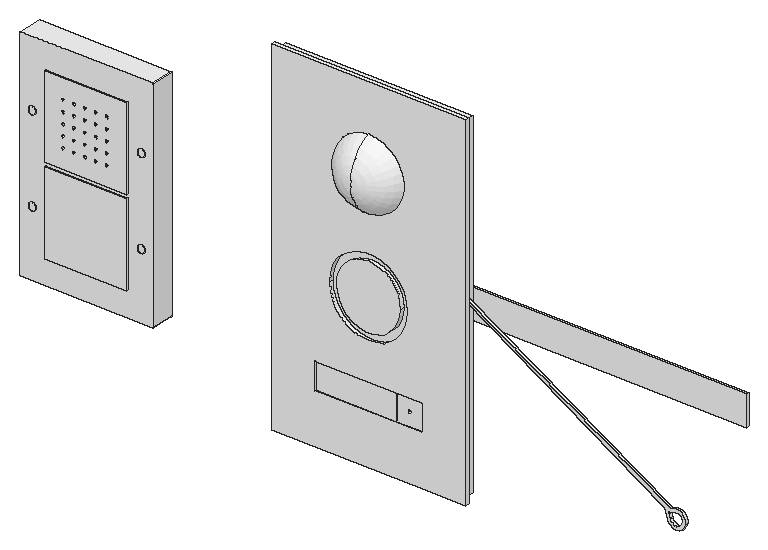
Revit family "Gira_049543", category Elektroinstallationen, Revit 2017
Family settings
  Basisbauteil = Wand
  Beschriftungsausrichtung beibehalten = Nein
  Bemaßung runder Anschluss = Durchmesser verwenden
  Teiletyp = Normal
  OmniClass-Nummer = 23.80.00.00
  OmniClass-Titel = Electric Power and Lighting
  Immer vertikal = Ja
  Beim Laden mit Abzugskörper schneiden = Nein
  Gemeinsam genutzt = Nein
  Raumberechnungspunkt = Nein
Parameters
  URL = "https://www.gira.de/"
  Typname = "EFH-Paket Audio Türko F Alu"
  Produktseite = "http://katalog.gira.de/de_DE/datenblatt.html?artikelnr=049543"
  Mit Video = no
  Mit Infoschild = yes
  Installationstechnik = "Bus-System"
  Hersteller = "Gira"
  HAN = "049543"
  GTIN = "4010337495437"
  Farbe der Innenstation = "weiß"
  Farbe der Außenstation = "sonstige"
  Datenblatt = "https://katalog.gira.de/de_DE/download.html?artikelnr=049543"
  Beschreibung = "Einfamilienhaus-Paket Audio"
  BIM = "https://media.stage.bim.site/public/gira/876eb45/Gira-Notrufset.rfa"
  Anzahl der Innenstationen = 1
  Anzahl der Außenstationen = 1
Reference planes
  plane 1: y = 0
  plane 2 "Mitte (Links/Rechts)": x = 125
  plane 3 "Hinten": y = 75
Text (mm)
  text "Platzierungsseite" at (-1867.185, 1116.779, 0), in view "Referenzebene"
  text "Platzierungsseite" at (0, 1270.507, 3001.832), in view "Links"
  text "Platzierungsseite" at (0, 530.812, 2999.686), in view "Rechts"
Dimensions and locks
  locked: plane 3 "Hinten" to host wall
  aligned and locked: plane 1 to host wall
Nested families
  nested 1: "42_126600_00-" at (25, -75, 1219.2) x (1, 0, 0) z (0, -1, 0), type "42_126600_00-"
  nested 2: "42_255120_00" at (245, -75, 1219.2) x (1, 0, 0) z (0, -1, 0), type "42_255120_00"
Definition of nested family "42_126600_00-"
  Parameters
    Default Elevation = 1219.2 mm
  Reference planes
    plane 1 "Center (Front/Back)": y = 0
    plane 2: z = 0
    plane 3 "Center (Left/Right)": x = 0
  Forms (mm)
    Extrusion 1, solid
      sketch origin (0, 0, 0) x (1, 0, 0) y (0, 1, 0)
        loop
          line (-1219.2, 1219.2) -> (-1219.2, -1219.2) -> (1219.2, -1219.2) -> (1219.2, 1219.2) -> (-1219.2, 1219.2)
      from 0 to -304.8
    Extrusion 2, solid, detail levels fine
      sketch origin (0, 0, 0) x (1, 0, 0) y (0, 1, 0)
        loop
          line (-55, 90.05) -> (-55, -90.05)
          spline (-55, -90.05) -> (-54.996, -90.115) -> (-54.983, -90.18) -> (-54.962, -90.241) -> (-54.933, -90.3) -> (-54.897, -90.354) -> (-54.854, -90.404) -> (-54.804, -90.447) -> (-54.75, -90.483) -> (-54.691, -90.512) -> (-54.63, -90.533) -> (-54.565, -90.546) -> (-54.5, -90.55)
          line (-54.5, -90.55) -> (54.5, -90.55)
          spline (54.5, -90.55) -> (54.565, -90.546) -> (54.63, -90.533) -> (54.691, -90.512) -> (54.75, -90.483) -> (54.804, -90.447) -> (54.854, -90.404) -> (54.897, -90.354) -> (54.933, -90.3) -> (54.962, -90.241) -> (54.983, -90.18) -> (54.996, -90.115) -> (55, -90.05)
          line (55, -90.05) -> (55, 90.05)
          spline (55, 90.05) -> (54.996, 90.115) -> (54.983, 90.18) -> (54.962, 90.241) -> (54.933, 90.3) -> (54.897, 90.354) -> (54.854, 90.404) -> (54.804, 90.447) -> (54.75, 90.483) -> (54.691, 90.512) -> (54.63, 90.533) -> (54.565, 90.546) -> (54.5, 90.55)
          line (54.5, 90.55) -> (-54.5, 90.55)
          spline (-54.5, 90.55) -> (-54.565, 90.546) -> (-54.63, 90.533) -> (-54.691, 90.512) -> (-54.75, 90.483) -> (-54.804, 90.447) -> (-54.854, 90.404) -> (-54.897, 90.354) -> (-54.933, 90.3) -> (-54.962, 90.241) -> (-54.983, 90.18) -> (-54.996, 90.115) -> (-55, 90.05)
        loop
          circle (-45, -35.6) r 3.2
        loop
          circle (-45, 35.5) r 3.2
        loop
          circle (45, 35.5) r 3.2
        loop
          circle (45, -35.6) r 3.2
      from 0 to 19
    Extrusion 3, solid, detail levels fine
      sketch origin (0, 0, 0) x (1, 0, 0) y (0, 1, 0)
        loop
          circle (-45, 35.55) r 3
        loop
          circle (-45, -35.55) r 3
        loop
          circle (45, -35.55) r 3
        loop
          circle (45, 35.55) r 3
      from 0 to 19
    Extrusion 4, solid, detail levels fine
      sketch origin (0, 0, 0) x (1, 0, 0) y (0, 1, 0)
        loop
          line (-33.9, 1.65) -> (33.9, 1.65) -> (33.9, 69.45) -> (-33.9, 69.45) -> (-33.9, 1.65)
        loop
          line (33.9, -1.65) -> (-33.9, -1.65) -> (-33.9, -69.45) -> (33.9, -69.45) -> (33.9, -1.65)
        loop
          circle (-18, 53.55) r 1.125
        loop
          circle (-9, 53.55) r 1.125
        loop
          circle (0, 53.55) r 1.125
        loop
          circle (9, 53.55) r 1.125
        loop
          circle (18, 53.55) r 1.125
        loop
          circle (18, 44.55) r 1.125
        loop
          circle (9, 44.55) r 1.125
        loop
          circle (18, 35.55) r 1.125
        loop
          circle (9, 35.55) r 1.125
        loop
          circle (0, 44.55) r 1.125
        loop
          circle (0, 35.55) r 1
        loop
          circle (0, 26.55) r 1.125
        loop
          circle (9, 26.55) r 1.125
        loop
          circle (18, 26.55) r 1.125
        loop
          circle (9, 17.55) r 1.125
        loop
          circle (18, 17.55) r 1.125
        loop
          circle (0, 17.55) r 1.125
        loop
          circle (-9, 17.55) r 1.125
        loop
          circle (-18, 17.55) r 1.125
        loop
          circle (-18, 26.55) r 1.125
        loop
          circle (-9, 26.55) r 1.125
        loop
          circle (-18, 35.55) r 1.125
        loop
          circle (-9, 35.55) r 1.175
        loop
          circle (-18, 44.55) r 1.125
        loop
          circle (-9, 44.55) r 1.125
      from 19 to 20.5
    Extrusion 5, solid, detail levels medium
      sketch origin (0, 0, 0) x (1, 0, 0) y (0, 1, 0)
        loop
          line (-55, 90.55) -> (-55, -90.55) -> (55, -90.55) -> (55, 90.55) -> (-55, 90.55)
      from 0 to 19
    Extrusion 6, solid, detail levels medium
      sketch origin (0, 0, 0) x (1, 0, 0) y (0, 1, 0)
        loop
          line (-33.9, 69.45) -> (-33.9, 1.65) -> (33.9, 1.65) -> (33.9, 69.45) -> (-33.9, 69.45)
        loop
          line (33.9, -1.65) -> (-33.9, -1.65) -> (-33.9, -69.45) -> (33.9, -69.45) -> (33.9, -1.65)
      from 19 to 20.5
    Extrusion 7, solid, detail levels coarse
      sketch origin (0, 0, 0) x (1, 0, 0) y (0, 1, 0)
        loop
          line (-55, 90.55) -> (-55, -90.55) -> (55, -90.55) -> (55, 90.55) -> (-55, 90.55)
      from 0 to 20.5
  Dimensions and locks
    aligned and locked: plane 2 to Extrusion 1
    aligned and locked: level to Extrusion 1
Definition of nested family "42_255120_00"
  Parameters
    Default Elevation = 1219.2 mm
  Reference planes
    plane 1 "Center (Front/Back)": y = 0
    plane 2: z = 0
    plane 3 "Center (Left/Right)": x = 0
  Forms (mm)
    Extrusion 1, solid
      sketch origin (0, 0, 0) x (1, 0, 0) y (0, 1, 0)
        loop
          line (-1219.2, 1219.2) -> (-1219.2, -1219.2) -> (1219.2, -1219.2) -> (1219.2, 1219.2) -> (-1219.2, 1219.2)
      from 0 to -304.8
    Extrusion 2, solid, detail levels fine
      sketch origin (0, 0, 0) x (1, 0, 0) y (0, 1, 0)
        loop
          line (-80, 142.65) -> (-80, -142.65) -> (36.621, -142.65) -> (80, -142.639) -> (80, 142.65) -> (-80, 142.65)
        loop
          circle (0, -16.6) r 32.35
        loop
          line (-44.7, -101.525) -> (44.7, -101.525) -> (44.7, -79.225) -> (-44.7, -79.225) -> (-44.7, -101.525)
      from 0 to 3
    Extrusion 3, solid, detail levels fine
      sketch origin (0, 0, 0) x (1, 0, 0) y (0, 1, 0)
        loop
          circle (0, -16.6) r 26.5
      from 0 to 3
    Extrusion 4, solid, detail levels fine
      sketch origin (0, 0, 0) x (1, 0, 0) y (0, 1, 0)
        loop
          line (22.6, -101.325) -> (44.5, -101.325) -> (44.5, -79.425) -> (22.6, -79.425) -> (22.6, -101.325)
        loop
          line (22.035, -101.525) -> (22.035, -79.225) -> (-44.7, -79.225) -> (-44.7, -101.525) -> (22.035, -101.525)
        loop
          circle (33.55, -90.375) r 1.5
      from 0 to 2
    Extrusion 5, solid, detail levels medium+fine
      sketch origin (0, 0, 0) x (1, 0, 0) y (0, 1, 0)
        loop
          line (-77, -139.35) -> (-67, -139.35) -> (-67, 129.65) -> (67, 129.65) -> (67, -139.35) -> (77, -139.35) -> (77, 139.65) -> (-77, 139.65) -> (-77, -139.35)
      from 0 to -7.9
    Extrusion 6, solid, detail levels medium+fine
      sketch origin (0, 0, 0) x (1, 0, 0) y (0, 1, 0)
        loop
          line (-52, 23.4) -> (-52, -64.6) -> (52, -64.6) -> (52, 23.4) -> (-52, 23.4)
        loop
          line (44, 37.025) -> (44, 113.025) -> (-44, 113.025) -> (-44, 37.025) -> (44, 37.025)
      from 0 to -21
    Extrusion 7, solid, detail levels medium+fine
      sketch origin (0, 0, 0) x (1, 0, 0) y (0, 1, 0)
        loop
          line (49.879, 10.18) -> (49.879, -14.32) -> (299.87, -14.32) -> (299.87, 10.18) -> (49.879, 10.18)
      from -14 to -12
    Extrusion 8, solid, detail levels medium+fine
      sketch origin (0, 0, 0) x (1, 0, 0) y (0, 1, 0)
        loop
          line (74.927, 7.452) -> (73.429, 5.43) -> (239.991, -90.734) -> (241.976, -98.144)
          arc (241.976, -98.144) -> (249.697, -103.896) -> (257.078, -97.713) r 7.765
          arc (257.078, -97.713) -> (254.643, -90.612) -> (247.35, -88.836) r 7.818
          line (247.35, -88.836) -> (243.492, -89.869) -> (74.927, 7.452)
        loop
          arc (244.391, -97.497) -> (253.734, -98.727) -> (247.997, -91.251) r 5.1
          line (247.997, -91.251) -> (243.071, -92.571) -> (244.391, -97.497)
      from -5 to -3
    Revolve 9, solid, detail levels medium+fine
      sketch origin (0, 0, 0) x (0, 1, 0) y (0, 0, 1)
        loop
          arc (104.025, 3) -> (92.36, 16.827) -> (75.025, 22) r 31.632
          line (75.025, 22) -> (75.025, 3) -> (104.025, 3)
        axis (75.025, 3) -> (75.025, 22)
      angle from 0 to 360
    Extrusion 10, solid, detail levels medium
      sketch origin (0, 0, 0) x (1, 0, 0) y (0, 1, 0)
        loop
          line (80, 142.65) -> (-80, 142.65) -> (-80, -142.65) -> (36.621, -142.65) -> (80, -142.639) -> (80, 142.65)
      from 0 to 3
    Extrusion 11, solid, detail levels coarse
      sketch origin (0, 0, 0) x (1, 0, 0) y (0, 1, 0)
        loop
          line (-80, -142.65) -> (36.621, -142.65) -> (80, -142.639) -> (80, 142.65) -> (-80, 142.65) -> (-80, -142.65)
      from -21 to 22.006
  Lines and regions (mm)
    model lines
      curve 1: line (0, 75.025, 3) -> (0, 104.025, 3)
  Dimensions and locks
    aligned and locked: plane 2 to Extrusion 1
    aligned and locked: level to Extrusion 1
